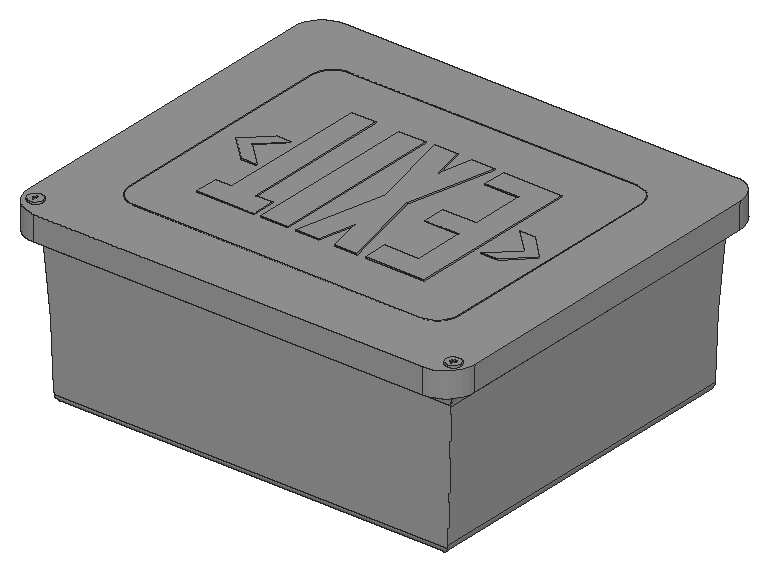
Revit family "RBOE-HT-SA-LR-LG-1-W-120277V", category Lighting Fixtures, host Face, Revit 2026
Family settings
  Host = Face
  Round Connector Dimension = Use Diameter
  Part Type = Normal
  Cut with Voids When Loaded = No
  Light Source = No
  Maintain Annotation Orientation = No
  Shared = No
  Room Calculation Point = No
Parameters (values of type "RBOE-SA-LR-U-U-WW")
  Wattage Comments = "2 W"
  Type Image = RBO IMAGE.png
  Type Comments = "The durable NEMA 4X fiberglass enclosure is corrosion and vandal \r\nresistant. The housing is fully gasketed and is supplied standard in an \r\nindustrial gray finish. The ROBUSTO EXIT can be surface mounted on \r\na wall. Offered in a single face version only. Removable chevrons are \r\nstandard. The Self Powered (SA) version comes standard with and LED \r\nstatus indicator and a magnetic test switch."
  Model = "RBOEHTLR1W120/277V"
  Manufacturer = "BEGHELLI"
  Lamp = "LED"
  LETTER MATERIAL = LETTER MATERIAL RED
  FACE MATERIAL = FACE MATERIAL
  Description = ""
  Default Elevation = 4' - 0"
  BODY MATERIAL = BODY MATERIAL
Types (5): name | LETTER MATERIAL
  (no name) | LETTER MATERIAL RED
  RBOE-HT-LG-U-U-WW | LETTER MATERIAL GREEN
  RBOE-SA-LG-U-U-WW | LETTER MATERIAL GREEN
  RBOE-HT-LR-U-U-WW | LETTER MATERIAL RED
  RBOE-SA-LR-U-U-WW | LETTER MATERIAL RED
Reference planes (in)
  plane 1 "Center (Front/Back)": y = 0
  plane 2: z = 0
  plane 3 "Center (Left/Right)": x = 0
Dimensions and locks (in)
  aligned and locked: plane 2 to host face
  aligned and locked: level to host face
  aligned and locked: nested 1 to host face
Nested families (in)
  nested 1: "RBOE BODY" at (0, 0, 0.14348), type "RBOE BODY"
Definition of nested family "RBOE BODY"
  Parameters (values of type "RBOE BODY")
    LETTERS MATERIAL = none
    FACE MATERIAL = none
    Default Elevation = 0' - 0"
    BODY MATERIAL = none
  Reference planes (in)
    plane 1 "Center (Front/Back)": y = 0
    plane 2: z = 0
    plane 3 "Center (Left/Right)": x = 0
    plane 4: x = -7.75
    plane 5: z = 6.25
    plane 6: x = 7.75
  Forms (in)
    Extrusion 1, solid, material <- "BODY MATERIAL"
      sketch origin (0, -6.78907, 8.13282) x (1, 0, 0) y (0, 1, 0)
        loop
          arc (-6.75, 13.5) -> (-7.45711, 13.20711) -> (-7.75, 12.5) r 1
          line (-7.75, 12.5) -> (-7.75, 1)
          arc (-7.75, 1) -> (-7.45711, 0.29289) -> (-6.75, 0) r 1
          line (-6.75, 0) -> (6.75, 0)
          arc (6.75, 0) -> (7.45711, 0.29289) -> (7.75, 1) r 1
          line (7.75, 1) -> (7.75, 12.5)
          arc (7.75, 12.5) -> (7.45711, 13.20711) -> (6.75, 13.5) r 1
          line (6.75, 13.5) -> (-6.75, 13.5)
        loop
          arc (-4.96927, 11.48453) -> (-5.4996, 11.26486) -> (-5.71927, 10.73453) r 0.75
          line (-5.71927, 10.73453) -> (-5.71927, 2.84361)
          arc (-5.71927, 2.84361) -> (-5.4996, 2.31328) -> (-4.96927, 2.09361) r 0.75
          line (-4.96927, 2.09361) -> (4.96927, 2.09361)
          arc (4.96927, 2.09361) -> (5.48543, 2.29948) -> (5.71823, 2.80406) r 0.75
          line (5.71823, 2.80406) -> (5.71823, 10.77409)
          arc (5.71823, 10.77409) -> (5.48543, 11.27867) -> (4.96927, 11.48453) r 0.75
          line (4.96927, 11.48453) -> (-4.96927, 11.48453)
      from -2.74188 to -1.88282
    Extrusion 2, solid, material <- "FACE MATERIAL"
      sketch origin (0, -6.78907, 8.13282) x (1, 0, 0) y (0, 1, 0)
        loop
          line (-5.71927, 10.73453) -> (-5.71927, 2.84361)
          arc (-5.71927, 2.84361) -> (-5.4996, 2.31328) -> (-4.96927, 2.09361) r 0.75
          line (-4.96927, 2.09361) -> (4.96927, 2.09361)
          arc (4.96927, 2.09361) -> (5.48543, 2.29948) -> (5.71823, 2.80406) r 0.75
          line (5.71823, 2.80406) -> (5.71823, 10.77409)
          arc (5.71823, 10.77409) -> (5.48543, 11.27867) -> (4.96927, 11.48453) r 0.75
          line (4.96927, 11.48453) -> (-4.96927, 11.48453)
          arc (-4.96927, 11.48453) -> (-5.4996, 11.26486) -> (-5.71927, 10.73453) r 0.75
      from -2.74188 to -1.88282
    Extrusion 3, solid, material <- "BODY MATERIAL"
      sketch origin (-0.88635, -14.53907, 8.13282) x (-1, 0, 0) y (0, -1, 0)
        loop
          circle (6.36386, -8.43392) r 0.25
        loop
          line (6.34888, -8.53162) -> (6.39451, -8.53162) -> (6.39451, -8.46608) -> (6.46064, -8.46608) -> (6.46064, -8.4207) -> (6.39451, -8.4207) -> (6.39451, -8.33998) -> (6.34888, -8.33998) -> (6.34888, -8.4207) -> (6.27127, -8.4207) -> (6.27127, -8.46608) -> (6.34888, -8.46608) -> (6.34888, -8.53162)
      from -1.92694 to -1.83701
    Extrusion 4, solid, material <- "BODY MATERIAL"
      sketch origin (0.88635, -14.53907, 8.13282) x (1, 0, 0) y (0, 1, 0)
        loop
          circle (6.36386, 8.43392) r 0.25
        loop
          line (6.34888, 8.53162) -> (6.34888, 8.46608) -> (6.27127, 8.46608) -> (6.27127, 8.4207) -> (6.34888, 8.4207) -> (6.34888, 8.33998) -> (6.39451, 8.33998) -> (6.39451, 8.4207) -> (6.46064, 8.4207) -> (6.46064, 8.46608) -> (6.39451, 8.46608) -> (6.39451, 8.53162) -> (6.34888, 8.53162)
      from -1.92694 to -1.83701
    Extrusion 5, solid, material <- "BODY MATERIAL"
      sketch origin (0, 0, 0) x (1, 0, 0) y (0, 0, 1)
        loop
          arc (-7.5, 5.39094) -> (-7.2002, 5.14307) -> (-7.06982, 4.77658) r 0.73163
          arc (-7.06982, 4.77658) -> (-6.9292, 2.53086) -> (-6.83431, 0.28274) r 110.5641
          arc (-6.83431, 0.28274) -> (-6.75149, 0.08281) -> (-6.55156, 0) r 0.28274
          line (-6.55156, 0) -> (0, 0) -> (6.55156, 0)
          arc (6.55156, 0) -> (6.75149, 0.08281) -> (6.83431, 0.28274) r 0.28274
          arc (6.83431, 0.28274) -> (6.9292, 2.53086) -> (7.06982, 4.77658) r 110.5641
          arc (7.06982, 4.77658) -> (7.2002, 5.14307) -> (7.5, 5.39094) r 0.73163
          line (7.5, 5.39094) -> (0, 5.39094) -> (-7.5, 5.39094)
      from -6.71093 to 6.78907
    Extrusion 6, void
      sketch origin (0, -0.0625, 0) x (0, 1, 0) y (0, 0, 1)
        loop
          arc (6.44546, 5.39094) -> (6.11952, 5.17235) -> (5.97347, 4.80808) r 0.66537
          arc (5.97347, 4.80808) -> (5.83847, 2.50017) -> (5.81215, 0.18847) r 49.15036
          arc (5.81215, 0.18847) -> (5.76802, 0.06491) -> (5.654, 0) r 0.18867
          line (5.654, 0) -> (5.154, 0) -> (5.154, -1) -> (7.22593, -1) -> (7.22593, 5.39094) -> (6.44546, 5.39094)
      from -9.41792 to 12
    Extrusion 7, void
      sketch origin (0, 0, 0) x (0, -1, 0) y (0, 0, -1)
        loop
          line (6.44546, -5.39094) -> (7.22593, -5.39094) -> (7.22593, 1) -> (5.154, 1) -> (5.154, 0) -> (5.654, 0)
          arc (5.654, 0) -> (5.76802, -0.06491) -> (5.81215, -0.18847) r 0.18867
          arc (5.81215, -0.18847) -> (5.83847, -2.50017) -> (5.97347, -4.80808) r 49.15036
          arc (5.97347, -4.80808) -> (6.11952, -5.17235) -> (6.44546, -5.39094) r 0.66537
      from -9.41792 to 12
    Extrusion 8, solid, material <- "BODY MATERIAL"
      sketch origin (0, 0, 0) x (0, 1, 0) y (0, 0, 1)
        loop
          line (5.1155, 0) -> (4.69546, 0) -> (4.69546, -0.14348) -> (5.1155, -0.14348) -> (5.1155, 0)
      from 5.92108 to 6.34872
    Extrusion 9, solid, material <- "BODY MATERIAL"
      sketch origin (0, 0, 0) x (0, 1, 0) y (0, 0, -1)
        loop
          line (5.1155, 0) -> (5.1155, 0.14348) -> (4.69546, 0.14348) -> (4.69546, 0) -> (5.1155, 0)
      from 5.92108 to 6.34872
    Extrusion 10, solid, material <- "BODY MATERIAL"
      sketch origin (0, 0, 0) x (0, -1, 0) y (0, 0, 1)
        loop
          line (5.1155, 0) -> (4.69546, 0) -> (4.69546, -0.14348) -> (5.1155, -0.14348) -> (5.1155, 0)
      from 5.92108 to 6.34872
    Extrusion 11, solid, material <- "BODY MATERIAL"
      sketch origin (0, 0, 0) x (0, -1, 0) y (0, 0, -1)
        loop
          line (5.1155, 0) -> (5.1155, 0.14348) -> (4.69546, 0.14348) -> (4.69546, 0) -> (5.1155, 0)
      from 5.92108 to 6.34872
  Cuts and joins
    Extrusion 6, Extrusion 7 cuts Extrusion 1
    Extrusion 6, Extrusion 7 cuts Extrusion 5
  Dimensions and locks (in)
    level to plane 5 = 0' - 6 1/4"
    aligned and locked: plane 2 to level
  Nested families (in)
    nested 1: "RBO LETTER" at (-0.5, 0, 3.16406), type "LETTERS"
  Definition of nested family "RBO LETTER"
    Parameters (values of type "LETTERS")
      LETTERS MATERIAL = none
      Default Elevation = 0' - 0"
    Reference planes (in)
      plane 1 "Center (Front/Back)": y = 0
      plane 2: z = 0
      plane 3 "Center (Left/Right)": x = 0
    Forms (in)
      Extrusion 1, solid, material <- "LETTERS MATERIAL"
        sketch origin (0.31684, -4.60737, 1.10656) x (-1, 0, 0) y (0, -1, 0)
          loop
            line (-3.96514, -7.56159) -> (-1.93389, -7.56159) -> (-1.93389, -6.74909) -> (-3.10481, -6.74909) -> (-3.10481, -4.93659) -> (-1.93389, -4.93659) -> (-1.93389, -4.15693) -> (-3.10481, -4.15693) -> (-3.10481, -2.40534) -> (-1.93389, -2.40534) -> (-1.93389, -1.56159) -> (-3.96514, -1.56159) -> (-3.96514, -7.56159)
        from 1.8 to 2
      Extrusion 2, solid, material <- "LETTERS MATERIAL"
        sketch origin (0.31684, -4.60737, 1.10656) x (-1, 0, 0) y (0, -1, 0)
          loop
            line (-1.62734, -7.56159) -> (-0.84609, -7.56159) -> (-0.58752, -6.44159) -> (-0.32895, -7.56159) -> (0.46795, -7.56159) -> (-0.21408, -4.60737) -> (0.48909, -1.56159) -> (-0.30782, -1.56159) -> (-0.58752, -2.77314) -> (-0.86723, -1.56159) -> (-1.64848, -1.56159) -> (-0.94531, -4.60737) -> (-1.62734, -7.56159)
        from 1.8 to 2
      Extrusion 3, solid, material <- "LETTERS MATERIAL"
        sketch origin (0.31684, -4.60737, 1.10656) x (-1, 0, 0) y (0, -1, 0)
          loop
            line (0.77206, -7.56159) -> (1.6945, -7.56159) -> (1.6945, -1.56159) -> (0.77206, -1.56159) -> (0.77206, -7.56159)
        from 1.8 to 2
      Extrusion 4, solid, material <- "LETTERS MATERIAL"
        sketch origin (-5.53547, 4.51581, 1.10656) x (1, 0, 0) y (0, 1, 0)
          loop
            line (1.9445, -7.56159) -> (3.90781, -7.56159) -> (3.90781, -6.74794) -> (3.33682, -6.74794) -> (3.33682, -1.56159) -> (2.51549, -1.56159) -> (2.51549, -6.74794) -> (1.9445, -6.74794) -> (1.9445, -7.56159)
        from 1.8 to 2
      Extrusion 5, solid, material <- "LETTERS MATERIAL"
        sketch origin (0.31684, -4.60737, 1.10656) x (-1, 0, 0) y (0, -1, 0)
          loop
            line (-4.31246, -5.30953) -> (-5.07071, -4.55127) -> (-4.23433, -3.71489) -> (-4.80569, -3.71489) -> (-5.60301, -4.51221) -> (-4.80569, -5.30953) -> (-4.31246, -5.30953)
          loop
            line (3.63364, -5.30953) -> (4.12687, -5.30953) -> (4.92418, -4.51221) -> (4.12687, -3.71489) -> (3.55551, -3.71489) -> (4.39189, -4.55127) -> (3.63364, -5.30953)
        from 1.8 to 2
    Dimensions and locks (in)
      aligned and locked: plane 2 to level
